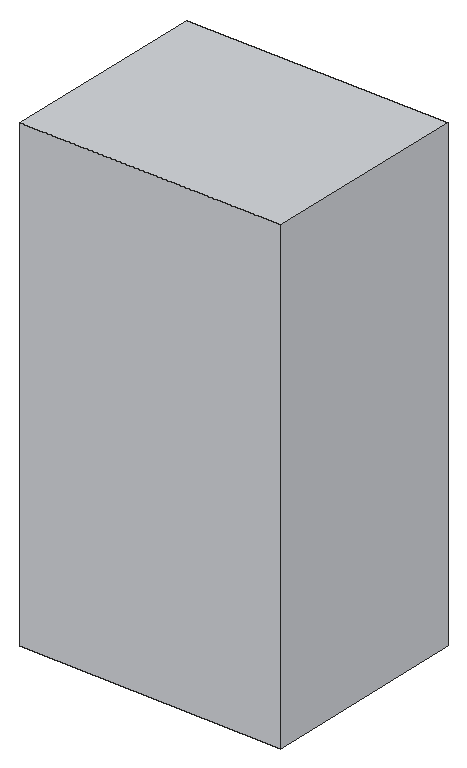
Revit family "CVC_Preparateur-ECS_Echangeur-plaques", category Equipement de génie climatique, Revit 2026
Family settings
  Cote de connecteur circulaire = Utiliser le diamètre
  Type d'élément = Normal
  Basée sur le plan de construction = Non
  Toujours verticalement = Oui
  Couper avec des vides une fois chargée = Non
  Conserver l'orientation des annotations = Non
  Partagée = Non
  Repère de localisation dans la pièce = Non
Parameters (values of type "100 kW")
  Source = "CCTP lot 12 § 4.5"
  Modèle = "Échangeur à plaques"
  Fabricant = "Non imposée"
  Elévation par défaut = 0 mm
  Description = "Préparateur ECS instantané"
  Caractéristiques CCTP = "100 kW, régime 70/50 °C"
  A vérifier = "Marque et dimensions à choisir"
Reference planes
  plane 1 "Centre (avant/arrière)": y = 0
  plane 2: z = 0
  plane 3 "Centre (gauche/droite)": x = 0
Forms (mm)
  Extrusion 1, solid
    sketch origin (0, 0, 0) x (1, 0, 0) y (0, 1, 0)
      loop
        line (-250, -200) -> (250, -200) -> (250, 200) -> (-250, 200) -> (-250, -200)
    from 0 to 900
  Extrusion 2, solid
    sketch origin (0, 0, 900) x (1, 0, 0) y (0, 1, 0)
      loop
        circle (-150, -100) r 20
    from 0 to 60
  Extrusion 3, solid
    sketch origin (0, 0, 900) x (1, 0, 0) y (0, 1, 0)
      loop
        circle (-50, -100) r 20
    from 0 to 60
  Extrusion 4, solid
    sketch origin (0, 0, 900) x (1, 0, 0) y (0, 1, 0)
      loop
        circle (50, 100) r 20
    from 0 to 60
  Extrusion 5, solid
    sketch origin (0, 0, 900) x (1, 0, 0) y (0, 1, 0)
      loop
        circle (150, 100) r 20
    from 0 to 60
Dimensions and locks
  aligned and locked: level to plane 2
Connectors
  piping at (-150, -100, 960), diameter 40
    settings: on Extrusion 2, index 1, connector inside diameter 609.6 mm, connector length 0 mm, flow factor 0, pipe flow 0.0 L/s, pressure drop 0.0 Pa, fitting loss kfactor 0, connector angle 0.00°, fixture units 0, engagement length 0 mm, angle of deflection 0.00°, flow configuration 0, flow direction 0, fitting loss method 0, system type 7, joint type 0, gender type 0, connector reference index -1, connector utility 0, adjustable connector no, is connector primary yes, connector description "Primaire depart"
  piping at (-50, -100, 960), diameter 40
    settings: on Extrusion 3, index 2, connector inside diameter 609.6 mm, connector length 0 mm, flow factor 0, pipe flow 0.0 L/s, pressure drop 0.0 Pa, fitting loss kfactor 0, connector angle 0.00°, fixture units 0, engagement length 0 mm, angle of deflection 0.00°, flow configuration 0, flow direction 0, fitting loss method 0, system type 8, joint type 0, gender type 0, connector reference index -1, connector utility 0, adjustable connector no, is connector primary no, connector description "Primaire retour"
  piping at (50, 100, 960), diameter 40
    settings: on Extrusion 4, index 3, connector inside diameter 609.6 mm, connector length 0 mm, flow factor 0, pipe flow 0.0 L/s, pressure drop 0.0 Pa, fitting loss kfactor 0, connector angle 0.00°, fixture units 0, engagement length 0 mm, angle of deflection 0.00°, flow configuration 0, flow direction 0, fitting loss method 0, system type 20, joint type 0, gender type 0, connector reference index -1, connector utility 0, adjustable connector no, is connector primary no, connector description "EF entree"
  piping at (150, 100, 960), diameter 40
    settings: on Extrusion 5, index 4, connector inside diameter 609.6 mm, connector length 0 mm, flow factor 0, pipe flow 0.0 L/s, pressure drop 0.0 Pa, fitting loss kfactor 0, connector angle 0.00°, fixture units 0, engagement length 0 mm, angle of deflection 0.00°, flow configuration 0, flow direction 0, fitting loss method 0, system type 19, joint type 0, gender type 0, connector reference index -1, connector utility 0, adjustable connector no, is connector primary no, connector description "ECS sortie"
